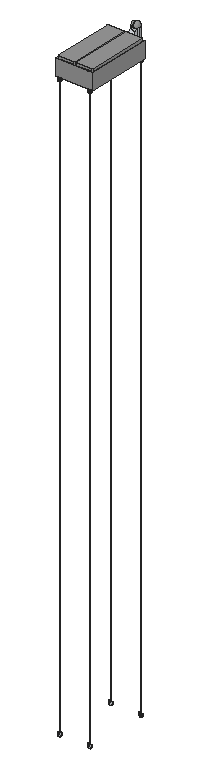
Revit family "62146", category Lighting Fixtures, host Face, Revit 2018
Family settings
  Host = Face
  Round Connector Dimension = Use Diameter
  Part Type = Normal
  OmniClass Number = 23.80.70.00
  OmniClass Title = Lighting
  Cut with Voids When Loaded = No
  Light Source = Yes
  Shared = No
  Room Calculation Point = No
Parameters (values of type "0062146 KUBIXX 4000K 9KLM AISLE SSA")
  Weight = "n/a"
  Wattage Comments = ""
  Wattage = 9.2903 W
  WarrantyStartDate [instance] = "n/a"
  WarrantyGuarantorParts = "n/a"
  WarrantyDurationUnit = "n/a"
  WarrantyDurationParts = ""
  WarrantyDescription = "http://www.sylvania-lighting.com"
  built-in parameter 1150110 = 1 (stored number, unit not read)
  Voltage = 0 V
  URL = "0"
  TypeName = "KubiXx 4000K 9KLM AISLE SSA"
  Type Image = <None>
  Type Comments = "n/a"
  built-in parameter 1114217 = 1 (stored number, unit not read)
  Total Length = 411.857 mm
  Tilt Angle = -90.00°
  built-in parameter 1150109 = 1 (stored number, unit not read)
  built-in parameter 1150134 = 3
  Suspension height = 3000 mm
  built-in parameter 1150113 = 1 (stored number, unit not read)
  SerialNumber [instance] = "n/a"
  Photometric Web File = "0062146.IES"
  Material_3_SYL = none
  PowerFactor = 0
  PowerConsumption = "Lighting"
  NominalLength = 190 mm
  NominalHeight = 94 mm
  NominalDepth = 330 mm
  Name = "KubiXx 4000K 9KLM AISLE SSA"
  ModelReference = Name  # "KubiXx 4000K 9KLM AISLE SSA"
  ModelNumber = "0062146"
  Model = Name  # "KubiXx 4000K 9KLM AISLE SSA"
  Material = "Feilo Sylvania"
  ManufacturerName = "173 lm/W"
  Manufacturer = ""
  LuminousEfficacy = ""
  built-in parameter 1150105 = 109.82 (stored number, unit not read)
  Lumens = 1380 lm
  LuminaireType = "0"
  built-in parameter 1150115 = 1 (stored number, unit not read)
  LightOutputRatio = "LED"
  built-in parameter 1150137 = (empty or 0)
  built-in parameter 1150139 = (empty or 0)
  LampsType = Lamp  # "n/a"
  LampNominalLuminous = "4000 K"
  LampMacAdamStep = "80"
  LampColourTemperature = "LED"
  LampColourRenderingIndex = "16500"
  built-in parameter 1150112 = 1 (stored number, unit not read)
  built-in parameter 1150114 = 1 (stored number, unit not read)
  Lamp = "n/a"
  Keynote = "n/a"
  InstallationDate [instance] = "n/a"
  InputVoltage = "0"
  InputNominalFrequency = "4000"
  built-in parameter 1150132 = (empty or 0)
  built-in parameter 1150102 = (empty or 0)
  built-in parameter 1150107 = 3200 (stored number, unit not read)
  built-in parameter 1150138 = (empty or 0)
  IngressProtection = "IfcLightFixtureType"
  ImpactProtectionIndex = "IfcLightFixtureType"
  built-in parameter 1150106 = 1.0982 (stored number, unit not read)
  IfcExportType = "IfcLightFixtureType"
  IfcExportAs = "Class I"
  Emit from Circle Diameter = 609.6 mm
  Emit Shape Visible in Rendering = no
  ElectricShockClassification = "173"
  built-in parameter 1150104 = 13.8 (stored number, unit not read)
  DocumentationLiterature = "http://www.sylvania-lighting.com/product/en-int/products/0062146"
  DimmingControlOptions = "n/a"
  Material_2_SYL = none
  Dimming Lamp Color Temperature Shift = <None>
  Description = "Logistics and Industry high bay luminaire with wide optics to provide homogenous light distribution for open space areas. 9400lumens, 54W, 173lm/W, 4000K, CRI80, wide beam optic, SylSmart SSA dimmable, 3 step MacAdam ellipse, grey finish (RAL7012), Class 1, 220-240V, IP65, IK06."
  Default Elevation = 1219.2 mm
  CreatedOn = "07/11/2023"
  CreatedBy = "@sylvania-lighting.com"
  Cost = 0
  Color Filter = 16777215
  built-in parameter 1114216 [instance] = (empty or 0)
  ClassificationValue = "EF_70_80"
  ClassificationName = "Uniclass2015"
  Material_1_SYL = none
  BarCode [instance] = "n/a"
  built-in parameter 1114218 = 1 (stored number, unit not read)
  built-in parameter 1150133 = 10 (stored number, unit not read)
  AssetType = "Fixed"
  AssetIdentifier [instance] = "n/a"
  Assembly Code = "D5020200"
  Apparent Load = 54 VA
  Material_4_SYL = none
Reference planes
  plane 1 "Center (Front/Back)": y = 0
  plane 2: z = 0
  plane 3 "Center (Left/Right)": x = 0
  plane 4: x = -95
  plane 5: x = 95
  plane 6: y = 165
  plane 7: y = -165
  plane 8: z = 94
  plane 9: y = 160
  plane 10: y = -160
  plane 11: x = -93.6
  plane 12: x = -89.2
  plane 13: x = -2.2
  plane 14: x = 2.2
  plane 15: x = 89.2
  plane 16: x = 93.6
  plane 17: x = 77.2
  plane 18: x = -77.2
  plane 19: x = -87.2
  plane 20: x = -67.2
  plane 21: z = -18
  plane 22: y = 162
  plane 23: z = -8
  plane 24: y = -162
  plane 25: z = 3083
  plane 26: z = 3094
  plane 27: y = 163.5
  plane 28: z = 3000
  plane 29: z = 2982
  plane 30: y = -275
  plane 31: z = 3051.416
  plane 32: z = 3086.416
  plane 33: z = 3075.416
  plane 34: y = -213
  plane 35: y = -255
  plane 36: z = 3081.416
  plane 37: x = 0
  plane 38: x = -20.5
  plane 39: x = 20.5
  plane 40: z = 3071
  plane 41: y = -259
  plane 42: y = -243
  plane 43: y = -200
  plane 44: y = 246.857
Forms (mm)
  Extrusion 1, solid, material "Aluminum", detail levels medium+fine
    sketch origin (0, 0, 0) x (1, 0, 0) y (0, 1, 0)
      loop
        line (-95, 165) -> (-95, -165) -> (95, -165) -> (95, 165) -> (-95, 165)
    from 3000 to 3083
  Extrusion 2, solid, material "Acetal Resin, White", detail levels medium+fine
    sketch origin (91.4, 0, 0) x (1, 0, 0) y (0, 1, 0)
      loop
        arc (-175.6, 160) -> (-179.136, 158.536) -> (-180.6, 155) r 5
        line (-180.6, 155) -> (-180.6, -155)
        arc (-180.6, -155) -> (-179.136, -158.536) -> (-175.6, -160) r 5
        line (-175.6, -160) -> (-98.6, -160)
        arc (-98.6, -160) -> (-95.064, -158.536) -> (-93.6, -155) r 5
        line (-93.6, -155) -> (-93.6, 155)
        arc (-93.6, 155) -> (-95.064, 158.536) -> (-98.6, 160) r 5
        line (-98.6, 160) -> (-175.6, 160)
    from 3083 to 3094
  Extrusion 3, solid, material "Acetal Resin, White", detail levels medium+fine
    sketch origin (182.8, 0, 0) x (1, 0, 0) y (0, 1, 0)
      loop
        arc (-175.6, 160) -> (-179.136, 158.536) -> (-180.6, 155) r 5
        line (-180.6, 155) -> (-180.6, -155)
        arc (-180.6, -155) -> (-179.136, -158.536) -> (-175.6, -160) r 5
        line (-175.6, -160) -> (-98.6, -160)
        arc (-98.6, -160) -> (-95.064, -158.536) -> (-93.6, -155) r 5
        line (-93.6, -155) -> (-93.6, 155)
        arc (-93.6, 155) -> (-95.064, 158.536) -> (-98.6, 160) r 5
        line (-98.6, 160) -> (-175.6, 160)
    from 3083 to 3094
  Extrusion 4, solid
    sketch origin (0, 0, 0) x (1, 0, 0) y (0, 0, 1)
      loop
        line (-87.2, 0) -> (-87.2, -8)
        arc (-87.2, -8) -> (-84.271, -15.071) -> (-77.2, -18) r 10
        arc (-77.2, -18) -> (-70.129, -15.071) -> (-67.2, -8) r 10
        line (-67.2, -8) -> (-67.2, 0) -> (-87.2, 0)
    from -165 to -162
  Extrusion 5, void
    sketch origin (0, 0, 0) x (1, 0, 0) y (0, 0, 1)
      loop
        circle (-77.2, -8) r 3
    from -169.572 to 175.485
  Extrusion 6, solid
    sketch origin (154.4, 0, 0) x (1, 0, 0) y (0, 0, 1)
      loop
        line (-87.2, 0) -> (-87.2, -8)
        arc (-87.2, -8) -> (-84.271, -15.071) -> (-77.2, -18) r 10
        arc (-77.2, -18) -> (-70.129, -15.071) -> (-67.2, -8) r 10
        line (-67.2, -8) -> (-67.2, 0) -> (-87.2, 0)
    from -165 to -162
  Extrusion 7, void
    sketch origin (154.4, 0, 0) x (1, 0, 0) y (0, 0, 1)
      loop
        circle (-77.2, -8) r 3
    from -169.572 to 188.62
  Extrusion 8, solid
    sketch origin (0, 0, 0) x (1, 0, 0) y (0, 0, 1)
      loop
        line (-87.2, 0) -> (-87.2, -8)
        arc (-87.2, -8) -> (-84.271, -15.071) -> (-77.2, -18) r 10
        arc (-77.2, -18) -> (-70.129, -15.071) -> (-67.2, -8) r 10
        line (-67.2, -8) -> (-67.2, 0) -> (-87.2, 0)
    from 162 to 165
  Extrusion 9, solid
    sketch origin (153.445, 0, 0) x (1, 0, 0) y (0, 0, 1)
      loop
        line (-86.235, 0) -> (-86.235, -7.889)
        arc (-86.235, -7.889) -> (-83.306, -14.96) -> (-76.235, -17.889) r 10
        arc (-76.235, -17.889) -> (-69.163, -14.96) -> (-66.235, -7.889) r 10
        line (-66.235, -7.889) -> (-66.235, 0) -> (-86.235, 0)
    from 162 to 165
  Extrusion 10, solid, material "Aluminum", detail levels fine
    sketch origin (0, 0, 2992) x (1, 0, 0) y (0, 0, 1)
      loop
        line (-87.2, 8) -> (-87.2, 0)
        arc (-87.2, 0) -> (-84.271, -7.071) -> (-77.2, -10) r 10
        arc (-77.2, -10) -> (-70.129, -7.071) -> (-67.2, 0) r 10
        line (-67.2, 0) -> (-67.2, 8) -> (-87.2, 8)
    from -165 to -162
  Extrusion 11, void
    sketch origin (0.086, 0, 2990.692) x (1, 0, 0) y (0, 0, 1)
      loop
        circle (-77.2, 0) r 3
    from -169.572 to 175.485
  Extrusion 12, solid, material "Aluminum", detail levels fine
    sketch origin (154.4, 0, 2992) x (1, 0, 0) y (0, 0, 1)
      loop
        line (-87.2, 8) -> (-87.2, 0)
        arc (-87.2, 0) -> (-84.271, -7.071) -> (-77.2, -10) r 10
        arc (-77.2, -10) -> (-70.129, -7.071) -> (-67.2, 0) r 10
        line (-67.2, 0) -> (-67.2, 8) -> (-87.2, 8)
    from -165 to -162
  Extrusion 13, void
    sketch origin (154.475, 0, 2991.254) x (1, 0, 0) y (0, 0, 1)
      loop
        circle (-77.2, 0) r 3
    from -169.572 to 188.62
  Extrusion 14, solid, material "Aluminum", detail levels fine
    sketch origin (0, 0, 2992) x (1, 0, 0) y (0, 0, 1)
      loop
        line (-87.2, 8) -> (-87.2, 0)
        arc (-87.2, 0) -> (-84.271, -7.071) -> (-77.2, -10) r 10
        arc (-77.2, -10) -> (-70.129, -7.071) -> (-67.2, 0) r 10
        line (-67.2, 0) -> (-67.2, 8) -> (-87.2, 8)
    from 162 to 165
  Extrusion 15, solid, material "Aluminum", detail levels fine
    sketch origin (153.445, 0, 2992) x (1, 0, 0) y (0, 0, 1)
      loop
        line (-86.235, 8) -> (-86.235, 0.111)
        arc (-86.235, 0.111) -> (-83.306, -6.96) -> (-76.235, -9.889) r 10
        arc (-76.235, -9.889) -> (-69.163, -6.96) -> (-66.235, 0.111) r 10
        line (-66.235, 0.111) -> (-66.235, 8) -> (-86.235, 8)
    from 162 to 165
  Extrusion 16, solid, material "Stainless Steel"
    sketch origin (0, 0, 0) x (1, 0, 0) y (0, 1, 0)
      loop
        circle (-77.2, 163.5) r 1
    from 0 to 3000
  Extrusion 17, solid, material "Stainless Steel"
    sketch origin (154.4, 0, 0) x (1, 0, 0) y (0, 1, 0)
      loop
        circle (-77.2, 163.5) r 1
    from 0 to 3000
  Extrusion 18, solid, material "Stainless Steel"
    sketch origin (0, -327, 0) x (1, 0, 0) y (0, 1, 0)
      loop
        circle (-77.2, 163.5) r 1
    from 0 to 3000
  Extrusion 19, solid, material "Stainless Steel"
    sketch origin (154.386, -327.05, 0) x (1, 0, 0) y (0, 1, 0)
      loop
        circle (-77.2, 163.5) r 1
    from 0 to 3000
  Extrusion 20, solid, detail levels coarse
    sketch origin (0, 0, 0) x (1, 0, 0) y (0, 0, 1)
      loop
        line (-95, 3094) -> (-95, 0) -> (95, 0) -> (95, 3094) -> (-95, 3094)
    from -246.857 to 165
  Extrusion 21, solid, material "Acetal Resin, White", not visible
    sketch origin (319, 1524, 1219.2) x (0, 1, 0) y (0, 0, 1)
      loop
        line (-1689, 1833.8) -> (-1689, 1863.8) -> (-1799, 1863.8) -> (-1799, 1833.8) -> (-1689, 1833.8)
    from -339.5 to -298.5
  Revolve 22, solid, material "Acetal Resin, White", not visible
    sketch origin (-0.37, 1524, 1219.2) x (0, 1, 0) y (0, 0, 1)
      loop
        line (-1783, 1851.8) -> (-1767, 1851.8)
        arc (-1767, 1851.8) -> (-1773.505, 1859.304) -> (-1783, 1862.216) r 18.002
        line (-1783, 1862.216) -> (-1783, 1851.8)
      axis (-1783, 1862.216) -> (-1783, 1851.8)
    angle from -180 to 179.537
  Extrusion 23, solid, material "Acetal Resin, White", not visible
    sketch origin (319, 1524, 1219.2) x (0, 1, 0) y (0, 0, 1)
      loop
        line (-1689, 1833.8) -> (-1689, 1863.8) -> (-1799, 1863.8) -> (-1799, 1833.8) -> (-1689, 1833.8)
    from -339.5 to -298.5
  Extrusion 24, void, not visible
    sketch origin (0, 0, 0) x (1, 0, 0) y (0, 1, 0)
      loop
        line (-20.5, -254.5) -> (-20.5, -275) -> (0, -275)
        arc (0, -275) -> (-14.496, -268.996) -> (-20.5, -254.5) r 20.5
    from 3000 to 3132.374
  Extrusion 25, void, not visible
    sketch origin (0, 0, 0) x (1, 0, 0) y (0, 1, 0)
      loop
        arc (20.5, -254.5) -> (14.496, -268.996) -> (0, -275) r 20.5
        line (0, -275) -> (20.5, -275) -> (20.5, -254.5)
    from 3030.992 to 3095.862
  Extrusion 26, void, not visible
    sketch origin (319, 1524, 1219.2) x (0, 1, 0) y (0, 0, 1)
      loop
        line (-1724, 1863.8) -> (-1799, 1863.8) -> (-1799, 1851.8) -> (-1767, 1851.8) -> (-1724, 1863.8)
    from -390.202 to -258.5
  Revolve 27, solid, material "Acetal Resin, White", not visible
    sketch origin (-0.37, 1524, 1219.2) x (0, 1, 0) y (0, 0, 1)
      loop
        line (-1783, 1851.8) -> (-1767, 1851.8)
        arc (-1767, 1851.8) -> (-1773.505, 1859.304) -> (-1783, 1862.216) r 18.002
        line (-1783, 1862.216) -> (-1783, 1851.8)
      axis (-1783, 1862.216) -> (-1783, 1851.8)
    angle from -180 to 179.537
  Extrusion 28, solid, material "Acetal Resin, White", not visible
    sketch origin (319, 1524, 1219.2) x (0, 1, 0) y (0, 0, 1)
      loop
        line (-1689, 1833.8) -> (-1689, 1863.8) -> (-1799, 1863.8) -> (-1799, 1833.8) -> (-1689, 1833.8)
    from -339.5 to -298.5
  Extrusion 29, void, not visible
    sketch origin (0, 0, 0) x (1, 0, 0) y (0, 1, 0)
      loop
        line (-20.5, -254.5) -> (-20.5, -275) -> (0, -275)
        arc (0, -275) -> (-14.496, -268.996) -> (-20.5, -254.5) r 20.5
    from 3000 to 3132.374
  Extrusion 30, void, not visible
    sketch origin (0, 0, 0) x (1, 0, 0) y (0, 1, 0)
      loop
        arc (20.5, -254.5) -> (14.496, -268.996) -> (0, -275) r 20.5
        line (0, -275) -> (20.5, -275) -> (20.5, -254.5)
    from 3030.992 to 3095.862
  Extrusion 31, void, not visible
    sketch origin (319, 1524, 1219.2) x (0, 1, 0) y (0, 0, 1)
      loop
        line (-1724, 1863.8) -> (-1799, 1863.8) -> (-1799, 1851.8) -> (-1767, 1851.8) -> (-1724, 1863.8)
    from -390.202 to -258.5
  Revolve 32, solid, material "Acetal Resin, White", not visible
    sketch origin (-0.37, 1524, 1219.2) x (0, 1, 0) y (0, 0, 1)
      loop
        line (-1783, 1851.8) -> (-1767, 1851.8)
        arc (-1767, 1851.8) -> (-1773.505, 1859.304) -> (-1783, 1862.216) r 18.002
        line (-1783, 1862.216) -> (-1783, 1851.8)
      axis (-1783, 1862.216) -> (-1783, 1851.8)
    angle from -180 to 179.537
  Blend 33, solid
    base sketch origin (0, -0.051, 0) x (1, 0, 0) y (0, 1, 0)
      loop
        circle (0, 228) r 19
    top sketch origin (0, -0.051, 0) x (1, 0, 0) y (0, 1, 0)
      loop
        circle (0, 228) r 19
    from 3039 to 3094
  Revolve 34, solid, material "Acetal Resin, White"
    sketch origin (-0.021, 1523.949, 1219.237) x (0, 1, 0) y (0, 0, 1)
      loop
        line (-1296, 1874.8) -> (-1277, 1874.8)
        arc (-1277, 1874.8) -> (-1282.5, 1888.6) -> (-1296, 1894.8) r 20
        line (-1296, 1894.8) -> (-1296, 1874.8)
      axis (-1296, 1894.8) -> (-1296, 1874.8)
    angle from 179.389 to 539.028
  Extrusion 35, solid
    sketch origin (0, -0.051, 0) x (1, 0, 0) y (0, 1, 0)
      loop
        line (-13.5, 214.609) -> (-13.5, 165) -> (13.5, 165) -> (13.5, 214.609) -> (-13.5, 214.609)
    from 3039 to 3083
  Extrusion 36, void
    sketch origin (319, 1523.949, 1219.2) x (0, 1, 0) y (0, 0, 1)
      loop
        line (-1309.391, 1863.8) -> (-1359, 1863.8) -> (-1359, 1843.8) -> (-1333.226, 1843.8) -> (-1309.391, 1863.8)
    from -343.775 to -294
  Blend 37, solid, not visible
    base sketch origin (0, 0, 0) x (1, 0, 0) y (0, 1, 0)
      loop
        circle (0, 228) r 19
    top sketch origin (0, 0, 0) x (1, 0, 0) y (0, 1, 0)
      loop
        circle (0, 228) r 19
    from 3039 to 3094
  Revolve 38, solid, material "Acetal Resin, White", not visible
    sketch origin (-0.021, 1524, 1219.237) x (0, 1, 0) y (0, 0, 1)
      loop
        line (-1296, 1874.8) -> (-1277, 1874.8)
        arc (-1277, 1874.8) -> (-1282.5, 1888.6) -> (-1296, 1894.8) r 20
        line (-1296, 1894.8) -> (-1296, 1874.8)
      axis (-1296, 1894.8) -> (-1296, 1874.8)
    angle from 179.389 to 539.028
  Extrusion 39, solid, not visible
    sketch origin (0, 0, 0) x (1, 0, 0) y (0, 1, 0)
      loop
        line (-13.5, 214.609) -> (-13.5, 165) -> (13.5, 165) -> (13.5, 214.609) -> (-13.5, 214.609)
    from 3039 to 3083
  Extrusion 40, void, not visible
    sketch origin (319, 1524, 1219.2) x (0, 1, 0) y (0, 0, 1)
      loop
        line (-1309.391, 1863.8) -> (-1359, 1863.8) -> (-1359, 1843.8) -> (-1333.226, 1843.8) -> (-1309.391, 1863.8)
    from -343.775 to -294
Cuts and joins
  Extrusion 5, Extrusion 7, Extrusion 11 cuts Extrusion 4
  Extrusion 7, Extrusion 13 cuts Extrusion 6
  Extrusion 5, Extrusion 11 cuts Extrusion 8
  Extrusion 7, Extrusion 13 cuts Extrusion 9
  Extrusion 11 cuts Extrusion 10
  Extrusion 11 cuts Extrusion 14
  Extrusion 13 cuts Extrusion 12
  Extrusion 13 cuts Extrusion 15
  Extrusion 36 cuts Extrusion 35
Dimensions and locks
  "NominalLength": plane 4 to plane 5
  equal spacing: plane 4, plane 3 "Center (Left/Right)", plane 5
  "NominalDepth": plane 6 to plane 7
  equal spacing: plane 6, plane 1 "Center (Front/Back)", plane 7
  "NominalHeight": plane 8 to level
  Extrusion 3 to plane 3 "Center (Left/Right)" = 2.2 mm
  plane 3 "Center (Left/Right)" to Extrusion 2 = 89.2 mm
  "Suspension height": level to plane 28
  plane 26 to plane 25 = 11 mm
  "NominalHeight": plane 28 to plane 26
  "Total Length": plane 44 to plane 7
  aligned and locked: plane 2 to host face
  aligned and locked: level to host face
Automatic sketch dimensions
  host sketch curve to host sketch curve = 2438.4 mm  (x2)
  Extrusion 1 sketch curve to plane 4 = 0 mm
  Extrusion 1 sketch curve to plane 5 = 0 mm
  Extrusion 1 sketch curve to plane 7 = 0 mm
  Extrusion 1 sketch curve to plane 6 = 0 mm
  Extrusion 2 sketch curve to plane 12 = 0 mm
  Extrusion 2 sketch curve to plane 10 = 0 mm
  Extrusion 2 sketch curve to plane 9 = 0 mm
  Extrusion 2 sketch curve to plane 13 = 0 mm
  plane 19 to Extrusion 2 sketch curve = 3 mm  (x2)
  Extrusion 2 sketch curve to plane 9 = 5 mm
  Extrusion 2 sketch curve to plane 13 = 5 mm
  Extrusion 3 sketch curve to plane 14 = 0 mm
  Extrusion 3 sketch curve to plane 10 = 0 mm
  Extrusion 3 sketch curve to plane 9 = 0 mm
  Extrusion 3 sketch curve to plane 15 = 0 mm
  plane 14 to Extrusion 3 sketch curve = 5 mm  (x2)
  Extrusion 3 sketch curve to plane 9 = 5 mm
  Extrusion 3 sketch curve to plane 15 = 5 mm
  Extrusion 4 sketch curve to Extrusion 4 sketch curve = 0 mm  (x2)
  Extrusion 4 sketch curve to plane 19 = 0 mm
  Extrusion 4 sketch curve to plane 18 = 0 mm
  Extrusion 4 sketch curve to plane 21 = 0 mm
  Extrusion 4 sketch curve to level = 0 mm
  Extrusion 5 sketch curve to plane 18 = 0 mm
  Extrusion 5 sketch curve to plane 23 = 0 mm
  Extrusion 6 sketch curve to Extrusion 6 sketch curve = 0 mm  (x2)
  Extrusion 6 sketch curve to plane 23 = 0 mm
  Extrusion 6 sketch curve to level = 0 mm
  Extrusion 6 sketch curve to plane 17 = 0 mm
  Extrusion 6 sketch curve to plane 21 = 0 mm
  Extrusion 7 sketch curve to plane 17 = 0 mm
  Extrusion 7 sketch curve to plane 23 = 0 mm
  Extrusion 8 sketch curve to Extrusion 8 sketch curve = 0 mm  (x2)
  Extrusion 8 sketch curve to plane 19 = 0 mm
  Extrusion 8 sketch curve to plane 18 = 0 mm
  Extrusion 8 sketch curve to plane 21 = 0 mm
  Extrusion 8 sketch curve to level = 0 mm
  Extrusion 9 sketch curve to Extrusion 9 sketch curve = 0 mm  (x2)
  Extrusion 9 sketch curve to level = 0 mm
  plane 23 to Extrusion 9 sketch curve = 0.111 mm
  Extrusion 9 sketch curve to plane 17 = 9.989 mm
  plane 17 to Extrusion 9 sketch curve = 0.011 mm
  Extrusion 10 sketch curve to plane 19 = 0 mm
  Extrusion 10 sketch curve to plane 18 = 0 mm
  plane 18 to Extrusion 11 sketch curve = 0.086 mm
  Extrusion 12 sketch curve to Extrusion 12 sketch curve = 0 mm  (x2)
  Extrusion 12 sketch curve to plane 17 = 0 mm
  plane 17 to Extrusion 13 sketch curve = 0.075 mm
  Extrusion 14 sketch curve to plane 19 = 0 mm
  Extrusion 14 sketch curve to plane 18 = 0 mm
  Extrusion 15 sketch curve to Extrusion 15 sketch curve = 0 mm  (x2)
  Extrusion 15 sketch curve to plane 17 = 9.989 mm
  plane 17 to Extrusion 15 sketch curve = 0.011 mm
  Extrusion 16 sketch curve to plane 18 = 0 mm
  Extrusion 16 sketch curve to plane 27 = 0 mm
  Extrusion 17 sketch curve to plane 17 = 0 mm
  plane 27 to Extrusion 17 sketch curve = 0 mm
  Extrusion 18 sketch curve to plane 18 = 0 mm
  plane 7 to Extrusion 18 sketch curve = 1.5 mm
  plane 1 "Center (Front/Back)" to Extrusion 19 sketch curve = 163.55 mm
  plane 18 to Extrusion 19 sketch curve = 154.386 mm
  Extrusion 10 sketch curve to Extrusion 10 sketch curve = 0 mm  (x2)
  Extrusion 12 sketch curve to plane 17 = 10 mm
  Extrusion 14 sketch curve to Extrusion 14 sketch curve = 0 mm  (x2)
  Extrusion 20 sketch curve to level = 0 mm
  Extrusion 20 sketch curve to plane 4 = 0 mm
  Extrusion 20 sketch curve to plane 5 = 0 mm
  plane 25 to Extrusion 20 sketch curve = 11 mm
  Extrusion 10 sketch curve to plane 28 = 0 mm
  Extrusion 12 sketch curve to plane 28 = 0 mm
  Extrusion 14 sketch curve to plane 28 = 0 mm
  Extrusion 15 sketch curve to plane 28 = 0 mm
  Extrusion 10 sketch curve to plane 29 = 0 mm
  plane 29 to Extrusion 11 sketch curve = 8.692 mm
  Extrusion 12 sketch curve to plane 29 = 0 mm
  Extrusion 13 sketch curve to plane 28 = 8.746 mm
  Extrusion 14 sketch curve to plane 29 = 0 mm
  Extrusion 15 sketch curve to plane 28 = 7.889 mm
  Revolve 22 sketch curve to Revolve 22 sketch curve = 2.581 mm
  Extrusion 21 sketch curve to Extrusion 21 sketch curve = 110 mm
  Extrusion 21 sketch curve to Extrusion 21 sketch curve = 30 mm
  Revolve 22 sketch curve to Revolve 22 sketch curve = 0.327 mm
  Revolve 22 sketch curve to Revolve 22 sketch curve = 16 mm
  Revolve 22 sketch curve to Revolve 22 sketch curve = 7.582 mm
  Revolve 22 sketch curve to Revolve 22 sketch curve = 0 mm
  Revolve 22 sketch curve to Revolve 22 sketch curve = 3.524 mm
  Revolve 27 sketch curve to Revolve 27 sketch curve = 2.581 mm
  Extrusion 23 sketch curve to Extrusion 23 sketch curve = 110 mm
  Extrusion 23 sketch curve to Extrusion 23 sketch curve = 30 mm
  Revolve 27 sketch curve to Revolve 27 sketch curve = 0.327 mm
  Revolve 27 sketch curve to Revolve 27 sketch curve = 16 mm
  Revolve 27 sketch curve to Revolve 27 sketch curve = 7.582 mm
  Revolve 27 sketch curve to Revolve 27 sketch curve = 0 mm
  Revolve 27 sketch curve to Revolve 27 sketch curve = 3.524 mm
  Extrusion 24 sketch curve to Extrusion 24 sketch curve = 20.5 mm
  Extrusion 25 sketch curve to Extrusion 25 sketch curve = 20.5 mm
  Extrusion 26 sketch curve to Extrusion 26 sketch curve = 32 mm
  Extrusion 26 sketch curve to Extrusion 26 sketch curve = 43 mm
  Extrusion 26 sketch curve to Extrusion 26 sketch curve = 12 mm
  Revolve 32 sketch curve to Revolve 32 sketch curve = 2.581 mm
  Extrusion 28 sketch curve to Extrusion 28 sketch curve = 110 mm
  Extrusion 28 sketch curve to Extrusion 28 sketch curve = 30 mm
  Revolve 32 sketch curve to Revolve 32 sketch curve = 0.327 mm
  Revolve 32 sketch curve to Revolve 32 sketch curve = 16 mm
  Revolve 32 sketch curve to Revolve 32 sketch curve = 7.582 mm
  Revolve 32 sketch curve to Revolve 32 sketch curve = 0 mm
  Revolve 32 sketch curve to Revolve 32 sketch curve = 3.524 mm
  Extrusion 29 sketch curve to Extrusion 29 sketch curve = 20.5 mm
  Extrusion 30 sketch curve to Extrusion 30 sketch curve = 20.5 mm
  Extrusion 31 sketch curve to Extrusion 31 sketch curve = 32 mm
  Extrusion 31 sketch curve to Extrusion 31 sketch curve = 43 mm
  Extrusion 31 sketch curve to Extrusion 31 sketch curve = 12 mm
  Revolve 34 sketch curve to Revolve 34 sketch curve = 1 mm
  Revolve 34 sketch curve to Revolve 34 sketch curve = 19 mm
  Revolve 34 sketch curve to Revolve 34 sketch curve = 0.025 mm
  Revolve 34 sketch curve to Revolve 34 sketch curve = 0 mm
  Revolve 34 sketch curve to Revolve 34 sketch curve = 8.022 mm
  Revolve 34 sketch curve to Revolve 34 sketch curve = 11.978 mm
  Extrusion 35 sketch curve to Extrusion 35 sketch curve = 27 mm
  Extrusion 35 sketch curve to Extrusion 35 sketch curve = 49.609 mm
  Extrusion 36 sketch curve to Extrusion 36 sketch curve = 25.774 mm
  Extrusion 36 sketch curve to Extrusion 36 sketch curve = 23.835 mm
  Extrusion 36 sketch curve to Extrusion 36 sketch curve = 20 mm
  Revolve 38 sketch curve to Revolve 38 sketch curve = 1 mm
  Revolve 38 sketch curve to Revolve 38 sketch curve = 19 mm
  Revolve 38 sketch curve to Revolve 38 sketch curve = 0.025 mm
  Revolve 38 sketch curve to Revolve 38 sketch curve = 0 mm
  Revolve 38 sketch curve to Revolve 38 sketch curve = 8.022 mm
  Revolve 38 sketch curve to Revolve 38 sketch curve = 11.978 mm
  Extrusion 39 sketch curve to Extrusion 39 sketch curve = 27 mm
  Extrusion 39 sketch curve to Extrusion 39 sketch curve = 49.609 mm
  Extrusion 40 sketch curve to Extrusion 40 sketch curve = 25.774 mm
  Extrusion 40 sketch curve to Extrusion 40 sketch curve = 23.835 mm
  Extrusion 40 sketch curve to Extrusion 40 sketch curve = 20 mm
  Blend 33 sketch curve to plane 3 "Center (Left/Right)" = 0 mm  (x2)
  Blend 33 sketch curve to plane 44 = 18.908 mm  (x2)
  plane 26 to Revolve 34 sketch curve = 0.062 mm
  Revolve 34 sketch curve to plane 44 = 19.908 mm
  Extrusion 35 sketch curve to plane 6 = 0.051 mm
  plane 38 to Extrusion 35 sketch curve = 7 mm
  Extrusion 36 sketch curve to plane 25 = 0 mm
  Extrusion 36 sketch curve to plane 6 = 0.051 mm
  radius of Extrusion 5 sketch curve = 3 mm
  radius of Extrusion 7 sketch curve = 3 mm
  radius of Extrusion 11 sketch curve = 3 mm
  radius of Extrusion 13 sketch curve = 3 mm
  radius of Extrusion 16 sketch curve = 1 mm
  radius of Extrusion 17 sketch curve = 1 mm
  radius of Extrusion 18 sketch curve = 1 mm
  radius of Extrusion 19 sketch curve = 1 mm
  radius of Blend 33 sketch curve = 19 mm  (x2)
  radius of Blend 37 sketch curve = 19 mm  (x2)
Connectors
  electrical at (0, 0, 3000)
    settings: on Extrusion 1, index 1, voltage 0 V, apparent load 0 VA, apparent load phase1 0 VA, apparent load phase2 0 VA, apparent load phase3 0 VA, power factor 1, load classification "Other", number of poles 1, system type 31, power factor state 1, is connector primary yes, connector utility no, sub classification motor no, connector description ""
